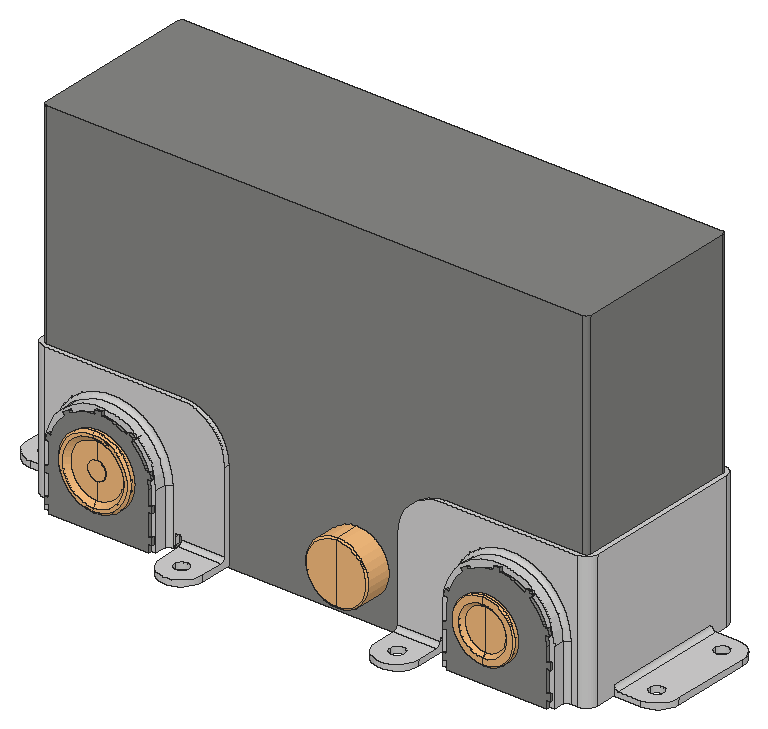
Revit family "Valve-Two_Outlet_Thermostatic-KOHLER-K-26340_1", category Plumbing Fixtures, host Face, Revit 2017
Family settings
  Host = Face
  Round Connector Dimension = Use Diameter
  Part Type = Normal
  OmniClass Number = 23.27.31.00
  OmniClass Title = Valves
  Cut with Voids When Loaded = No
  Shared = No
  Room Calculation Point = No
Parameters (values of type "NA- Not applicable")
  Width = 11 51/128"  # constant formula
  WaterSense Certified = 1 = 0  # no
  Waste Connection = 1 = 0  # no
  Vent Connection = 1 = 0  # no
  Tempered Water Outlet2 Up [instance] = yes
  Tempered Water Outlet1 Up [instance] = yes
  Tempered Water Outlet 2 = "Tempered Water Outlet 2"  # constant formula
  Tempered Water Outlet 1 = "Tempered Water Outlet 1"  # constant formula
  URL = "https://www.us.kohler.com/us/"
  Type = 1
  Product Page URL = "http://www.us.kohler.com/us/catalog/productDetails.jsp?productId=26340"
  Product Name = ""
  Product Documentation Link = "https://www.us.kohler.com/webassets/kpna/catalog/pdf/en/K-26340_spec.pdf"
  Pressure = 0.00 psi
  Model = "K-26340-NA"  # constant formula
  Material = "Plastic"  # constant formula
  Master Format 2014 Name = "Control Valves"  # constant formula
  Master Format 2014 = "23 09 13.33"  # constant formula
  Manufacturer Address = "444 Highland Dr, Kohler, WI 53044"  # constant formula
  Manufacturer = "KOHLER Co."  # constant formula
  Length = 6 13/128"  # constant formula
  Hot Water Inlet = "Hot Water Inlet"  # constant formula
  Height = 4 113/128"  # constant formula
  HW Connection = 1 = 1  # yes
  Flow Rate = 1.75 GPM  # constant formula
  Finish = Kohler-Plastic-58-Thunder_Grey
  Environmental Product Declaration = ""
  Description = "Recessed thermostatic valve-2-outlet"  # constant formula
  Default Elevation = 42"
  Declare Label = ""
  Date Modified = "02/12/2021"  # constant formula
  Date Created = "02/09/2021"  # constant formula
  Copyright = "Copyright KOHLER Co."  # constant formula
  Contact Us = "https://www.us.kohler.com/us/static/contact.jsp"
  Cold Water Inlet = "Cold Water Inlet"  # constant formula
  CW Connection = 1 = 1  # yes
  Tempered Water Outlet 2 Down [instance] = not(Tempered Water Outlet2 Up)  # no
  Tempered Water Outlet 1 Down [instance] = not(Tempered Water Outlet1 Up)  # no
  Assembly Code = "D2020"
  ADA Compliant = 1 = 0  # no
Reference planes (in)
  plane 1 "Center (Front/Back)": y = 0
  plane 2: z = 0
  plane 3 "Center (Left/Right)": x = 0
  plane 4: y = 2.44094
  plane 5: y = -2.44188
  plane 6: y = 1.98819
  plane 7: y = -1.98819
  plane 8: z = 0
  plane 9: z = -5.21654
  plane 10: z = -5.11811
  plane 11: x = -5.69882
  plane 12: x = 5.69962
  plane 13: x = 3.29724
  plane 14: x = 0.73819
  plane 15: x = -3.48914
  plane 16: x = -4.85236
  plane 17: x = 4.85236
  plane 18: y = -1.51575
  plane 19: y = 1.51575
  plane 20: z = -6.10156
  plane 21: y = 0.70866
  plane 22: y = -0.70866
  plane 23: x = -5.3248
  plane 24: x = 5.3248
  plane 25: x = -1.87992
  plane 26: x = 1.87992
Forms (in)
  Extrusion 1, void
    sketch origin (0, 0, 0) x (1, 0, 0) y (0, 1, 0)
      loop
        line (-4.85236, 1.59449) -> (-4.85236, -1.59449) -> (4.85236, -1.59449) -> (4.85236, 1.59449) -> (-4.85236, 1.59449)
    from -6.10236 to 1.46474
  Extrusion 2, void
    sketch origin (0, 0, 0) x (1, 0, 0) y (0, 0, 1)
      loop
        line (-5.69882, -3.72047) -> (-5.69882, -6.10236) -> (5.69882, -6.10236) -> (5.69882, -3.72047) -> (-5.69882, -3.72047)
    from -2.44094 to 2.44094
Dimensions and locks (in)
  locked: plane 17 to plane 16 at 9.70472
  locked: plane 19 to plane 18 at 3.0315
  locked: plane 6 to plane 7 at 3.97638
  "Length": level to plane 20
  locked: plane 10 to plane 20 at 0.98345
  locked: plane 9 to plane 20 at 0.88503
  "Width": plane 11 to plane 12
  "Height": plane 4 to plane 5
  locked: plane 22 to plane 21 at 1.41732
  locked: plane 25 to plane 13 at 5.17717
  aligned and locked: plane 2 to host face
  aligned and locked: level to host face
  aligned and locked: plane 8 to nested 1
  aligned and locked: plane 8 to level
  aligned and locked: plane 10 to nested 1
  aligned and locked: plane 20 to nested 1
Automatic sketch dimensions
  host sketch curve to host sketch curve = 96"  (x2)
  plane 11 to Extrusion 2 sketch curve = 0"
  Extrusion 2 sketch curve to plane 12 = 0.0008"
  plane 20 to Extrusion 2 sketch curve = 0.0008"
  Extrusion 2 sketch curve to plane 20 = 2.38109"
  Extrusion 1 sketch curve to plane 16 = 0"
  Extrusion 1 sketch curve to plane 17 = 0"
  plane 18 to Extrusion 1 sketch curve = 0.07874"
  plane 19 to Extrusion 1 sketch curve = 0.07874"
Nested families (in)
  nested 1: "K-26340" at (0, 0, -6.10236), type "K-26340"
Connectors (in)
  piping at (-3.48914, -1.90938, -5.11811), diameter 0.75, driven by "Flow Rate", driven by "CW Connection", driven by "Cold Water Inlet"
    settings: on nested 1, index 1, connector inside diameter 24", connector length 0", flow factor 0, pipe flow 1.75 GPM, pressure drop 0.00 psi, fitting loss kfactor 0, connector angle 0.00°, fixture units 0, engagement length 0", angle of deflection 0.00°, flow configuration 1, flow direction 1, fitting loss method 0, system type 20, joint type 0, gender type 0, connector reference index -1, connector utility 1, adjustable connector no, is connector primary yes, connector description "Cold Water Inlet"
  piping at (-3.48914, 1.90938, -5.11811), diameter 0.75, driven by "Flow Rate", driven by "HW Connection", driven by "Hot Water Inlet"
    settings: on nested 1, index 2, connector inside diameter 24", connector length 0", flow factor 0, pipe flow 1.75 GPM, pressure drop 0.00 psi, fitting loss kfactor 0, connector angle 0.00°, fixture units 0, engagement length 0", angle of deflection 0.00°, flow configuration 1, flow direction 1, fitting loss method 0, system type 19, joint type 0, gender type 0, connector reference index -1, connector utility 1, adjustable connector no, is connector primary no, connector description "Hot Water Inlet"
  piping at (0.73819, 1.9685, -5.21654), diameter 0.5, driven by "Flow Rate", driven by "HW Connection", driven by "Tempered Water Outlet 1"
    settings: on nested 1, index 3, connector inside diameter 24", connector length 0", flow factor 0, pipe flow 1.75 GPM, pressure drop 0.00 psi, fitting loss kfactor 0, connector angle 0.00°, fixture units 0, engagement length 0", angle of deflection 0.00°, flow configuration 1, flow direction 2, fitting loss method 0, system type 19, joint type 0, gender type 0, connector reference index -1, connector utility 1, adjustable connector no, is connector primary no, connector description "Tempered Water Outlet 1"
  piping at (3.29724, 1.90938, -5.21654), diameter 0.5, driven by "Flow Rate", driven by "HW Connection", driven by "Tempered Water Outlet 2"
    settings: on nested 1, index 4, connector inside diameter 24", connector length 0", flow factor 0, pipe flow 1.75 GPM, pressure drop 0.00 psi, fitting loss kfactor 0, connector angle 0.00°, fixture units 0, engagement length 0", angle of deflection 0.00°, flow configuration 1, flow direction 2, fitting loss method 0, system type 19, joint type 0, gender type 0, connector reference index -1, connector utility 1, adjustable connector no, is connector primary no, connector description "Tempered Water Outlet 2"
Definition of nested family "K-26340"
  Parameters (values of type "K-26340")
    Top connector 2 = no
    Top connector 1 = no
    Material = none
    Connetor2 angel = if(Top connector 2, 0.00°, 180.00°)  # 180.00°
    Connector2 Distance = if(Top connector 2, 3.0315", 0")  # 0"
    Connector1 angel = if(Top connector 1, 180.00°, 0.00°)  # 0.00°
    Connector1 Distance = if(Top connector 1, 0", 3.0315")  # 3.0315"
    Bottum Connector 2 = not(Top connector 2)  # yes
    Bottum Connector 1 = not(Top connector 1)  # yes
  Reference planes (in)
    plane 1 "Center (Front/Back)": y = 0
    plane 2: z = 0
    plane 3 "Center (Left/Right)": x = 0
    plane 4: x = -5.69882
    plane 5: y = 2.44094
    plane 6: y = -2.44094
    plane 7: z = 6.10236
    plane 8 "2": x = 3.29724
    plane 9 "1": x = -3.48914
    plane 10: z = 0.98425
    plane 11 "A": z = 0.88583
    plane 12: y = 1.98819
    plane 13: y = -1.98819
    plane 14: x = -1.87992
    plane 15: x = 5.69882
    plane 16: y = 1.51575
    plane 17: y = -1.51575
    plane 18: x = 1.87992
    plane 19 "3": x = 0.73819
    plane 20: x = 4.85236
    plane 21: x = -4.85236
    plane 22: y = -1.51575
    plane 23: y = -1.51575
    plane 24: z = 0
    plane 25: y = 0.70866
    plane 26: y = -0.70866
    plane 27: x = -5.3248
    plane 28: x = 5.3248
  Forms (in)
    Extrusion 1, solid, material <- "Material", detail levels medium+fine
      sketch origin (0, 0, 0) x (1, 0, 0) y (0, 1, 0)
        loop
          line (4.6752, 1.51575) -> (-4.6752, 1.51575)
          arc (-4.6752, 1.51575) -> (-4.73087, 1.49269) -> (-4.75394, 1.43701) r 0.07874
          line (-4.75394, 1.43701) -> (-4.75394, -1.43701)
          arc (-4.75394, -1.43701) -> (-4.73087, -1.49269) -> (-4.6752, -1.51575) r 0.07874
          line (-4.6752, -1.51575) -> (4.6752, -1.51575)
          arc (4.6752, -1.51575) -> (4.73087, -1.49269) -> (4.75394, -1.43701) r 0.07874
          line (4.75394, -1.43701) -> (4.75394, 1.43701)
          arc (4.75394, 1.43701) -> (4.73087, 1.49269) -> (4.6752, 1.51575) r 0.07874
      from 0 to 6.10236
    Extrusion 2, solid, detail levels medium+fine
      sketch origin (0, 0, 0) x (1, 0, 0) y (0, 0, 1)
        loop
          line (-2.29331, 2.38189) -> (-4.85236, 2.38189) -> (-4.85236, 0.01969) -> (-2.42323, 0.01969)
          arc (-2.42323, 0.01969) -> (-2.38704, 0.03468) -> (-2.37205, 0.07087) r 0.05118
          line (-2.37205, 0.07087) -> (-2.37205, 0.2165)
          arc (-2.37205, 0.2165) -> (-2.31299, 0.27556) -> (-2.25394, 0.2165) r 0.05906
          line (-2.25394, 0.2165) -> (-2.25394, 0.01969) -> (-1.50591, 0.01969) -> (-1.50591, 1.59449)
          arc (-1.50591, 1.59449) -> (-1.73653, 2.15127) -> (-2.29331, 2.38189) r 0.7874
        loop
          arc (2.29331, 2.38189) -> (1.73653, 2.15127) -> (1.50591, 1.59449) r 0.7874
          line (1.50591, 1.59449) -> (1.50591, 0.01969) -> (2.25394, 0.01969) -> (2.25394, 0.2165)
          arc (2.25394, 0.2165) -> (2.31299, 0.27556) -> (2.37205, 0.2165) r 0.05906
          line (2.37205, 0.2165) -> (2.37205, 0.07087)
          arc (2.37205, 0.07087) -> (2.38704, 0.03468) -> (2.42323, 0.01969) r 0.05118
          line (2.42323, 0.01969) -> (4.85236, 0.01969) -> (4.85236, 2.38189) -> (2.29331, 2.38189)
      from -1.59449 to 1.59449
    Sweep 3, void
      path in 3D
        loop
          line (-4.85236, -1.59449, 2.38189) -> (-4.85236, -1.59449, 0.01969)
      profile origin (-4.85236, -1.59449, 1.20079) x (-1, 0, 0) y (0, -1, 0)
        loop
          line (0, -0.19685) -> (0, 0) -> (-0.19685, 0)
          arc (-0.19685, 0) -> (-0.05766, -0.05766) -> (0, -0.19685) r 0.19685
    Sweep 4, void
      path in 3D
        loop
          line (-4.85236, 1.59449, 2.38189) -> (-4.85236, 1.59449, 0.01969)
      profile origin (-4.85236, 1.59449, 1.20079) x (-1, 0, 0) y (0, -1, 0)
        loop
          arc (0, 0.19685) -> (-0.05766, 0.05766) -> (-0.19685, 0) r 0.19685
          line (-0.19685, 0) -> (0, 0) -> (0, 0.19685)
    Sweep 5, void
      path in 3D
        loop
          line (4.85236, -1.59449, 2.38189) -> (4.85236, -1.59449, 0.01969)
      profile origin (4.85236, -1.59449, 1.20079) x (1, 0, 0) y (0, 1, 0)
        loop
          arc (0, 0.19685) -> (-0.05766, 0.05766) -> (-0.19685, 0) r 0.19685
          line (-0.19685, 0) -> (0, 0) -> (0, 0.19685)
    Sweep 6, void
      path in 3D
        loop
          line (4.85236, 1.59449, 2.38189) -> (4.85236, 1.59449, 0.01969)
      profile origin (4.85236, 1.59449, 1.20079) x (1, 0, 0) y (0, 1, 0)
        loop
          line (0, -0.19685) -> (0, 0) -> (-0.19685, 0)
          arc (-0.19685, 0) -> (-0.05766, -0.05766) -> (0, -0.19685) r 0.19685
    Extrusion 7, solid, detail levels medium+fine
      sketch origin (0, 0, 0) x (1, 0, 0) y (0, 1, 0)
        loop
          line (-4.85236, 1.06299) -> (-5.3248, 1.06299)
          arc (-5.3248, 1.06299) -> (-5.58927, 0.95345) -> (-5.69882, 0.68898) r 0.37402
          line (-5.69882, 0.68898) -> (-5.69882, -0.68898)
          arc (-5.69882, -0.68898) -> (-5.58927, -0.95345) -> (-5.3248, -1.06299) r 0.37402
          line (-5.3248, -1.06299) -> (-4.85236, -1.06299) -> (-4.85236, 1.06299)
        loop
          line (4.85236, 1.06299) -> (4.85236, -1.06299) -> (5.3248, -1.06299)
          arc (5.3248, -1.06299) -> (5.58927, -0.95345) -> (5.69882, -0.68898) r 0.37402
          line (5.69882, -0.68898) -> (5.69882, 0.68898)
          arc (5.69882, 0.68898) -> (5.58927, 0.95345) -> (5.3248, 1.06299) r 0.37402
          line (5.3248, 1.06299) -> (4.85236, 1.06299)
        loop
          circle (-5.3248, 0.70866) r 0.12598
        loop
          circle (-5.3248, -0.70866) r 0.12598
        loop
          circle (5.3248, 0.70866) r 0.12598
        loop
          circle (5.3248, -0.70866) r 0.12598
        loop
          arc (-2.25393, -2.06693) -> (-1.87992, -2.44094) -> (-1.50591, -2.06693) r 0.37401
          line (-1.50591, -2.06693) -> (-1.50591, -1.59449) -> (-2.25393, -1.59449) -> (-2.25393, -2.06693)
        loop
          line (2.25393, -2.06693) -> (2.25393, -1.59449) -> (1.50591, -1.59449) -> (1.50591, -2.06693)
          arc (1.50591, -2.06693) -> (1.87992, -2.44094) -> (2.25393, -2.06693) r 0.37401
        loop
          line (-2.25393, 2.06693) -> (-2.25393, 1.59449) -> (-1.50591, 1.59449) -> (-1.50591, 2.06693)
          arc (-1.50591, 2.06693) -> (-1.87992, 2.44094) -> (-2.25393, 2.06693) r 0.37401
        loop
          arc (2.25393, 2.06693) -> (1.87992, 2.44094) -> (1.50591, 2.06693) r 0.37401
          line (1.50591, 2.06693) -> (1.50591, 1.59449) -> (2.25393, 1.59449) -> (2.25393, 2.06693)
        loop
          circle (-1.87992, -2.06693) r 0.12598
        loop
          circle (1.87992, -2.06693) r 0.12598
        loop
          circle (-1.87992, 2.06693) r 0.12598
        loop
          circle (1.87992, 2.06693) r 0.12598
      from 0.01969 to 0.11811
    Extrusion 8, solid, detail levels medium+fine
      sketch origin (1.27953, 0, 0) x (1, 0, 0) y (0, 0, 1)
        loop
          line (-3.77953, 0.01969) -> (-3.77953, 0.98689)
          arc (-3.77953, 0.98689) -> (-4.75394, 1.9613) -> (-5.72835, 0.98689) r 0.97441
          line (-5.72835, 0.98689) -> (-5.72835, 0.01969) -> (-3.77953, 0.01969)
        loop
          line (1.22047, 0.99085) -> (1.22047, 0.01969) -> (3.16929, 0.01969) -> (3.16929, 0.99085)
          arc (3.16929, 0.99085) -> (2.19488, 1.96526) -> (1.22047, 0.99085) r 0.97441
      from -1.85039 to 1.85039
    Extrusion 9, solid, material <- "Material", detail levels medium+fine
      sketch origin (-1.27953, 0, 0) x (1, 0, 0) y (0, 0, 1)
        loop
          line (-3.07087, 0.62992) -> (-3.07087, 0.25591) -> (-3.12992, 0.25591) -> (-3.12992, 0.1378) -> (-3.07087, 0.1378) -> (-3.07087, 0) -> (-1.3189, 0) -> (-1.3189, 0.1378) -> (-1.25984, 0.1378) -> (-1.25984, 0.25591) -> (-1.3189, 0.25591) -> (-1.3189, 0.62992) -> (-1.25984, 0.62992) -> (-1.25984, 0.74803) -> (-1.3189, 0.74803) -> (-1.3189, 0.98425)
          arc (-1.3189, 0.98425) -> (-1.32232, 1.06162) -> (-1.33257, 1.13839) r 0.87598
          line (-1.33257, 1.13839) -> (-1.27514, 1.15271) -> (-1.30372, 1.26731) -> (-1.36114, 1.25299)
          arc (-1.36114, 1.25299) -> (-1.46022, 1.46135) -> (-1.61026, 1.63661) r 0.87598
          line (-1.61026, 1.63661) -> (-1.57383, 1.68324) -> (-1.6669, 1.75596) -> (-1.70334, 1.70932)
          arc (-1.70334, 1.70932) -> (-1.90969, 1.81251) -> (-2.13583, 1.85824) r 0.87598
          line (-2.13583, 1.85824) -> (-2.13583, 1.91742) -> (-2.25394, 1.91742) -> (-2.25394, 1.85824)
          arc (-2.25394, 1.85824) -> (-2.48007, 1.81251) -> (-2.68643, 1.70932) r 0.87598
          line (-2.68643, 1.70932) -> (-2.72286, 1.75596) -> (-2.81594, 1.68324) -> (-2.7795, 1.63661)
          arc (-2.7795, 1.63661) -> (-2.92954, 1.46135) -> (-3.02863, 1.25299) r 0.87598
          line (-3.02863, 1.25299) -> (-3.08605, 1.26731) -> (-3.11462, 1.15271) -> (-3.0572, 1.13839)
          arc (-3.0572, 1.13839) -> (-3.06744, 1.06162) -> (-3.07087, 0.98425) r 0.87598
          line (-3.07087, 0.98425) -> (-3.07087, 0.74803) -> (-3.12992, 0.74803) -> (-3.12992, 0.62992) -> (-3.07087, 0.62992)
        loop
          line (3.87795, 0.62992) -> (3.87795, 0.25591) -> (3.8189, 0.25591) -> (3.8189, 0.1378) -> (3.87795, 0.1378) -> (3.87795, 0) -> (5.62992, 0) -> (5.62992, 0.1378) -> (5.68898, 0.1378) -> (5.68898, 0.25591) -> (5.62992, 0.25591) -> (5.62992, 0.62992) -> (5.68898, 0.62992) -> (5.68898, 0.74803) -> (5.62992, 0.74803) -> (5.62992, 0.98425)
          arc (5.62992, 0.98425) -> (5.6265, 1.06162) -> (5.61625, 1.13839) r 0.87598
          line (5.61625, 1.13839) -> (5.67368, 1.15271) -> (5.6451, 1.26731) -> (5.58768, 1.25299)
          arc (5.58768, 1.25299) -> (5.4886, 1.46135) -> (5.33856, 1.63661) r 0.87598
          line (5.33856, 1.63661) -> (5.37499, 1.68324) -> (5.28192, 1.75596) -> (5.24548, 1.70932)
          arc (5.24548, 1.70932) -> (5.03913, 1.81251) -> (4.81299, 1.85824) r 0.87598
          line (4.81299, 1.85824) -> (4.81299, 1.91742) -> (4.69488, 1.91742) -> (4.69488, 1.85824)
          arc (4.69488, 1.85824) -> (4.46874, 1.81251) -> (4.26239, 1.70932) r 0.87598
          line (4.26239, 1.70932) -> (4.22595, 1.75596) -> (4.13288, 1.68324) -> (4.16932, 1.63661)
          arc (4.16932, 1.63661) -> (4.01927, 1.46135) -> (3.92019, 1.25299) r 0.87598
          line (3.92019, 1.25299) -> (3.86277, 1.26731) -> (3.8342, 1.15271) -> (3.89162, 1.13839)
          arc (3.89162, 1.13839) -> (3.88138, 1.06162) -> (3.87795, 0.98425) r 0.87598
          line (3.87795, 0.98425) -> (3.87795, 0.74803) -> (3.8189, 0.74803) -> (3.8189, 0.62992) -> (3.87795, 0.62992)
        loop
          circle (-2.20961, 0.98425) r 0.54335
        loop
          circle (4.57677, 0.88583) r 0.41841
      from -1.92913 to 1.88976
    Revolve 10, solid, detail levels medium+fine
      sketch origin (-3.48914, 0, 0) x (0, 0, 1) y (0, -1, 0)
        loop
          line (1.5276, -1.98819) -> (1.58464, -1.98819) -> (1.62406, -1.94877) -> (1.62406, -1.51575) -> (0.98425, -1.51575) -> (0.98425, -1.90938) -> (1.44879, -1.90938) -> (1.5276, -1.98819)
        loop
          line (1.5276, 1.98819) -> (1.44879, 1.90938) -> (0.98425, 1.90938) -> (0.98425, 1.51575) -> (1.62406, 1.51575) -> (1.62406, 1.94877) -> (1.58464, 1.98819) -> (1.5276, 1.98819)
        axis (0.98425, -1.98819) -> (0.98425, 1.98819)
      angle from 0 to 360
    Revolve 11, solid, detail levels medium+fine
      sketch origin (3.29724, 0, 0) x (0, 0, -1) y (0, -1, 0)
        loop
          line (-1.43701, 1.94331) -> (-1.43701, 1.61417) -> (-0.88583, 1.61417) -> (-0.88583, 1.90938) -> (-1.24512, 1.90938) -> (-1.30424, 1.9685) -> (-1.41732, 1.9685) -> (-1.43701, 1.94331)
        loop
          line (-1.43701, -1.94331) -> (-1.41732, -1.9685) -> (-1.30424, -1.9685) -> (-1.24512, -1.90938) -> (-0.88583, -1.90938) -> (-0.88583, -1.61417) -> (-1.43701, -1.61417) -> (-1.43701, -1.94331)
        axis (-0.88583, 1.9685) -> (-0.88583, -1.9685)
      angle from 0 to 360
    Sweep 12, solid, detail levels medium+fine
      path in 3D
        loop
          line (2.5, 1.59449, 0.01969) -> (2.5, 1.59449, 0.99085)
          arc (2.5, 1.59449, 0.99085) -> (3.47441, 1.59449, 1.96526) -> (4.44882, 1.59449, 0.99085) r 0.97441
          line (4.44882, 1.59449, 0.99085) -> (4.44882, 1.59449, 0.01969)
      profile origin (2.5, 1.59449, 0.50527) x (0, 1, 0) y (-1, 0, 0)
        loop
          arc (0.07874, 0) -> (0.02306, 0.02306) -> (0, 0.07874) r 0.07874
          line (0, 0.07874) -> (0, 0) -> (0.07874, 0)
    Sweep 13, solid, detail levels medium+fine
      path in 3D
        loop
          line (-4.44882, -1.59449, 0.01969) -> (-4.44882, -1.59449, 0.99085)
          arc (-4.44882, -1.59449, 0.99085) -> (-3.47441, -1.59449, 1.96526) -> (-2.5, -1.59449, 0.99085) r 0.97441
          line (-2.5, -1.59449, 0.99085) -> (-2.5, -1.59449, 0.01969)
      profile origin (-4.44882, -1.59449, 0.50527) x (0, 1, 0) y (-1, 0, 0)
        loop
          line (-0.07874, 0) -> (0, 0) -> (0, 0.07874)
          arc (0, 0.07874) -> (-0.02306, 0.02306) -> (-0.07874, 0) r 0.07874
    Sweep 14, solid, detail levels medium+fine
      path in 3D
        loop
          line (-4.44882, 1.59449, 0.01969) -> (-4.44882, 1.59449, 0.99085)
          arc (-4.44882, 1.59449, 0.99085) -> (-3.47441, 1.59449, 1.96526) -> (-2.5, 1.59449, 0.99085) r 0.97441
          line (-2.5, 1.59449, 0.99085) -> (-2.5, 1.59449, 0.01969)
      profile origin (-4.44882, 1.59449, 0.50527) x (0, 1, 0) y (-1, 0, 0)
        loop
          arc (0.07874, 0) -> (0.02306, 0.02306) -> (0, 0.07874) r 0.07874
          line (0, 0.07874) -> (0, 0) -> (0.07874, 0)
    Extrusion 15, solid, detail levels medium+fine
      sketch origin (0, 0, 0) x (1, 0, 0) y (0, 0, 1)
        loop
          line (-3.57283, 0.11811) -> (-3.57283, 0.19685)
          arc (-3.57283, 0.19685) -> (-3.5959, 0.14117) -> (-3.65157, 0.11811) r 0.07874
          line (-3.65157, 0.11811) -> (-3.57283, 0.11811)
        loop
          line (3.57283, 0.11811) -> (3.65157, 0.11811)
          arc (3.65157, 0.11811) -> (3.5959, 0.14117) -> (3.57283, 0.19685) r 0.07874
          line (3.57283, 0.19685) -> (3.57283, 0.11811)
      from -1.06299 to 1.06299
    Extrusion 16, solid, detail levels medium+fine
      sketch origin (0, 0, 0) x (0, 1, 0) y (0, 0, 1)
        loop
          line (-1.67323, 0.11811) -> (-1.59449, 0.11811) -> (-1.59449, 0.19685)
          arc (-1.59449, 0.19685) -> (-1.61755, 0.14117) -> (-1.67323, 0.11811) r 0.07874
        loop
          arc (1.67323, 0.11811) -> (1.61755, 0.14117) -> (1.59449, 0.19685) r 0.07874
          line (1.59449, 0.19685) -> (1.59449, 0.11811) -> (1.67323, 0.11811)
      from 1.50591 to 2.25394
    Extrusion 17, solid, detail levels medium+fine
      sketch origin (0, 0, 0) x (0, 1, 0) y (0, 0, 1)
        loop
          line (-1.67323, 0.11811) -> (-1.59449, 0.11811) -> (-1.59449, 0.19685)
          arc (-1.59449, 0.19685) -> (-1.61755, 0.14117) -> (-1.67323, 0.11811) r 0.07874
        loop
          arc (1.67323, 0.11811) -> (1.61755, 0.14117) -> (1.59449, 0.19685) r 0.07874
          line (1.59449, 0.19685) -> (1.59449, 0.11811) -> (1.67323, 0.11811)
      from -2.25394 to -1.50591
    Extrusion 18, solid, material <- "Material", detail levels coarse
      sketch origin (0, 0, 0) x (1, 0, 0) y (0, 1, 0)
        loop
          line (4.75394, 1.51575) -> (-4.75394, 1.51575) -> (-4.75394, -1.51575) -> (4.75394, -1.51575) -> (4.75394, 1.51575)
      from 0 to 6.10236
    Extrusion 19, solid, material <- "Material", detail levels coarse
      sketch origin (-1.27953, 0, 0) x (1, 0, 0) y (0, 0, 1)
        loop
          line (-1.3189, 0) -> (-1.3189, 0.9897)
          arc (-1.3189, 0.9897) -> (-2.19488, 1.86569) -> (-3.07087, 0.9897) r 0.87598
          line (-3.07087, 0.9897) -> (-3.07087, 0) -> (-1.3189, 0)
        loop
          line (5.62992, 0) -> (5.62992, 0.9897)
          arc (5.62992, 0.9897) -> (4.75394, 1.86569) -> (3.87795, 0.9897) r 0.87598
          line (3.87795, 0.9897) -> (3.87795, 0) -> (5.62992, 0)
      from -1.92913 to 1.88976
    Extrusion 20, solid, detail levels coarse
      sketch origin (0, 0, 0) x (1, 0, 0) y (0, 1, 0)
        loop
          line (4.85236, 1.59449) -> (1.50591, 1.59449) -> (1.50591, 1.51575) -> (4.75394, 1.51575) -> (4.75394, -1.51575) -> (1.50591, -1.51575) -> (1.50591, -1.59449) -> (4.85236, -1.59449) -> (4.85236, 1.59449)
        loop
          line (-4.85236, 1.59449) -> (-4.85236, -1.59449) -> (-1.50591, -1.59449) -> (-1.50591, -1.51575) -> (-4.75394, -1.51575) -> (-4.75394, 1.51575) -> (-1.50591, 1.51575) -> (-1.50591, 1.59449) -> (-4.85236, 1.59449)
      from 0 to 2.38189
    Extrusion 21, solid, detail levels coarse
      sketch origin (0, 0, 0) x (1, 0, 0) y (0, 1, 0)
        loop
          line (-5.69882, -1.06299) -> (-4.85236, -1.06299) -> (-4.85236, 1.06299) -> (-5.69882, 1.06299) -> (-5.69882, -1.06299)
        loop
          line (-2.25393, 1.59449) -> (-1.5059, 1.59449) -> (-1.5059, 2.44094) -> (-2.25393, 2.44094) -> (-2.25393, 1.59449)
        loop
          line (1.50591, 1.59449) -> (2.25394, 1.59449) -> (2.25394, 2.44094) -> (1.50591, 2.44094) -> (1.50591, 1.59449)
        loop
          line (-2.25393, -1.59449) -> (-2.25393, -2.44094) -> (-1.5059, -2.44094) -> (-1.5059, -1.59449) -> (-2.25393, -1.59449)
        loop
          line (1.50591, -1.59449) -> (1.50591, -2.44094) -> (2.25394, -2.44094) -> (2.25394, -1.59449) -> (1.50591, -1.59449)
        loop
          line (5.69882, -1.06299) -> (5.69882, 1.06299) -> (4.85236, 1.06299) -> (4.85236, -1.06299) -> (5.69882, -1.06299)
        loop
          circle (-5.3248, 0.70866) r 0.12598
        loop
          circle (-5.3248, -0.70866) r 0.12598
        loop
          circle (-1.87991, 2.06693) r 0.12598
        loop
          circle (1.87993, 2.06693) r 0.12598
        loop
          circle (5.3248, 0.70866) r 0.12598
        loop
          circle (5.3248, -0.70866) r 0.12598
        loop
          circle (-1.87991, -2.06693) r 0.12598
        loop
          circle (1.87993, -2.06693) r 0.12598
      from 0.01969 to 0.11811
    Extrusion 22, solid, detail levels medium+fine
      sketch origin (-1.27953, 0, 0) x (1, 0, 0) y (0, 0, 1)
        loop
          circle (-2.20961, 0.98425) r 0.15748
      from -1.90938 to 1.90938
    Extrusion 23, solid, detail levels coarse
      sketch origin (1.27953, 0, 0) x (1, 0, 0) y (0, 0, 1)
        loop
          circle (-4.76867, 0.98425) r 0.63981
        loop
          circle (2.01772, 0.88583) r 0.55118
      from -1.98819 to 1.98819
    Extrusion 24, solid, detail levels medium+fine
      sketch origin (0, 0, 0) x (1, 0, 0) y (0, 0, 1)
        loop
          line (-4.85236, 0.11811) -> (-4.85236, 0.19685)
          arc (-4.85236, 0.19685) -> (-4.87542, 0.14117) -> (-4.9311, 0.11811) r 0.07874
          line (-4.9311, 0.11811) -> (-4.85236, 0.11811)
        loop
          line (4.85236, 0.11811) -> (4.9311, 0.11811)
          arc (4.9311, 0.11811) -> (4.87542, 0.14117) -> (4.85236, 0.19685) r 0.07874
          line (4.85236, 0.19685) -> (4.85236, 0.11811)
      from -1.06299 to 1.06299
    Revolve 25, solid, detail levels medium+fine
      sketch origin (0.73819, 0, 0) x (0, 0, -1) y (0, -1, 0)
        loop
          line (-0.88583, 1.9685) -> (-1.40868, 1.9685) -> (-1.43701, 1.94018) -> (-1.43701, 1.51575) -> (-0.88583, 1.51575) -> (-0.88583, 1.9685)
        loop
          line (-0.88583, -1.9685) -> (-0.88583, -1.51575) -> (-1.43701, -1.51575) -> (-1.43701, -1.94018) -> (-1.40868, -1.9685) -> (-0.88583, -1.9685)
        axis (-0.88583, 1.9685) -> (-0.88583, -1.9685)
      angle from 0 to 360
    Sweep 26, solid, detail levels medium+fine
      path in 3D
        loop
          line (2.5, -1.59449, 0.01969) -> (2.5, -1.59449, 0.99085)
          arc (2.5, -1.59449, 0.99085) -> (3.47441, -1.59449, 1.96526) -> (4.44882, -1.59449, 0.99085) r 0.97441
          line (4.44882, -1.59449, 0.99085) -> (4.44882, -1.59449, 0.01969)
      profile origin (2.5, -1.59449, 0.50527) x (0, 1, 0) y (-1, 0, 0)
        loop
          line (-0.07874, 0) -> (0, 0) -> (0, 0.07874)
          arc (0, 0.07874) -> (-0.02306, 0.02306) -> (-0.07874, 0) r 0.07874
    Extrusion 27, solid, detail levels coarse
      sketch origin (0, 0, 0) x (1, 0, 0) y (0, 0, 1)
        loop
          circle (0.73819, 0.88583) r 0.55118
      from -1.9685 to 1.9685
    Revolve 28, solid, detail levels medium+fine
      sketch origin (0.73819, -1.51575, 0.88583) x (0, -1, 0) y (1, 0, 0)
        loop
          line (0.45276, 0) -> (0.45276, 0.1335) -> (0.2697, 0.1335) -> (0.2697, 0) -> (0.45276, 0)
        axis (0.45276, 0) -> (0.2697, 0)
      angle from 0 to 360
    Revolve 29, solid, detail levels medium+fine
      sketch origin (3.29724, -3.71496, 0.88583) x (0, 1, 0) y (-1, 0, 0)
        loop
          line (1.80558, 0) -> (1.80558, -0.11811) -> (2.07072, -0.11811) -> (2.07072, 0) -> (1.80558, 0)
        axis (1.80558, 0) -> (2.07072, 0)
      angle from 0 to 360
  Cuts and joins
    joined: Extrusion 1, Extrusion 9
    joined: Revolve 10, Revolve 11, Revolve 25
    joined: Sweep 12, Sweep 13, Sweep 14
    Sweep 3, Sweep 4, Sweep 5, Sweep 6 cuts Extrusion 2
    joined: Extrusion 2, Extrusion 7, Extrusion 8, Extrusion 15, Extrusion 16, Extrusion 17, Extrusion 24
    joined: Extrusion 18, Extrusion 19
    joined: Extrusion 20, Extrusion 21
  Lines and regions (in)
    Masking region 1
      outline origin (0, 0, 0) x (1, 0, 0) y (0, 1, 0)
        loop
          line (-4.85236, 1.39764) -> (-4.85236, 0) -> (-4.85236, -1.39764)
          arc (-4.85236, -1.39764) -> (-4.79471, -1.53683) -> (-4.65551, -1.59449) r 0.19685
          line (-4.65551, -1.59449) -> (0, -1.59449) -> (4.65551, -1.59449)
          arc (4.65551, -1.59449) -> (4.79471, -1.53683) -> (4.85236, -1.39764) r 0.19685
          line (4.85236, -1.39764) -> (4.85236, 0) -> (4.85236, 1.39764)
          arc (4.85236, 1.39764) -> (4.79471, 1.53683) -> (4.65551, 1.59449) r 0.19685
          line (4.65551, 1.59449) -> (0, 1.59449) -> (-4.65551, 1.59449)
          arc (-4.65551, 1.59449) -> (-4.79471, 1.53683) -> (-4.85236, 1.39764) r 0.19685
    Masking region 2, detail levels medium+fine
      outline origin (0, 0, 0) x (1, 0, 0) y (0, 0, 1)
        loop
          line (-4.75394, 6.10236) -> (-4.75394, 2.38189) -> (-4.85236, 2.38189) -> (-4.85236, 0.19685)
          arc (-4.85236, 0.19685) -> (-4.87542, 0.14117) -> (-4.9311, 0.11811) r 0.07874
          line (-4.9311, 0.11811) -> (-5.69882, 0.11811) -> (-5.69882, 0.01969) -> (-4.78006, 0.01969) -> (-4.75394, 0) -> (4.75394, 0) -> (4.78006, 0.01969) -> (5.69882, 0.01969) -> (5.69882, 0.11811) -> (4.9311, 0.11811)
          arc (4.9311, 0.11811) -> (4.87542, 0.14117) -> (4.85236, 0.19685) r 0.07874
          line (4.85236, 0.19685) -> (4.85236, 2.38189) -> (4.75394, 2.38189) -> (4.75394, 6.10236) -> (-4.75394, 6.10236)
    Masking region 3
      outline origin (3.29724, 0, 0) x (0, 0, -1) y (0, -1, 0)
        loop
          line (-6.10236, -1.51575) -> (-2.38189, -1.51575) -> (-2.38189, -1.59449) -> (-2.044, -1.59449)
          arc (-2.044, -1.59449) -> (-1.98832, -1.61755) -> (-1.96526, -1.67323) r 0.07874
          line (-1.96526, -1.67323) -> (-1.96526, -1.85039) -> (-1.91742, -1.85039) -> (-1.91742, -1.92913) -> (-1.64369, -1.92913) -> (-1.58464, -1.98819) -> (-0.38387, -1.98819) -> (-0.35433, -1.9685) -> (-0.32357, -1.92913) -> (-0.11811, -1.92913) -> (-0.11811, -2.44094) -> (-0.01969, -2.44094) -> (-0.01969, -1.95526) -> (0, -1.92913) -> (0, 1.92913) -> (-0.01969, 1.95526) -> (-0.01969, 2.44094) -> (-0.11811, 2.44094) -> (-0.11811, 1.88976) -> (-0.33465, 1.88976) -> (-0.33465, 1.94331) -> (-0.38387, 1.98819) -> (-1.58464, 1.98819) -> (-1.62406, 1.94877) -> (-1.62406, 1.88976) -> (-1.91742, 1.88976) -> (-1.91742, 1.85039) -> (-1.96526, 1.85039) -> (-1.96526, 1.67323)
          arc (-1.96526, 1.67323) -> (-1.98832, 1.61755) -> (-2.044, 1.59449) r 0.07874
          line (-2.044, 1.59449) -> (-2.38189, 1.59449) -> (-2.38189, 1.51575) -> (-6.10236, 1.51575) -> (-6.10236, -1.51575)
    sketch lines
      curve 1: line (-4.85236, -1.59449, 2.38189) -> (-4.85236, -1.59449, 0.01969)
      curve 2: line (-4.85236, 1.59449, 2.38189) -> (-4.85236, 1.59449, 0.01969)
      curve 3: line (4.85236, -1.59449, 2.38189) -> (4.85236, -1.59449, 0.01969)
      curve 4: line (4.85236, 1.59449, 2.38189) -> (4.85236, 1.59449, 0.01969)
      curve 5: line (2.5, 1.59449, 0.01969) -> (2.5, 1.59449, 0.99085)
      curve 6: arc (4.44882, 1.59449, 0.99085) -> (3.47441, 1.59449, 1.96526) -> (2.5, 1.59449, 0.99085) r 0.97441
      curve 7: line (4.44882, 1.59449, 0.99085) -> (4.44882, 1.59449, 0.01969)
      curve 8: line (-4.44882, -1.59449, 0.01969) -> (-4.44882, -1.59449, 0.99085)
      curve 9: arc (-2.5, -1.59449, 0.99085) -> (-3.47441, -1.59449, 1.96526) -> (-4.44882, -1.59449, 0.99085) r 0.97441
      curve 10: line (-2.5, -1.59449, 0.99085) -> (-2.5, -1.59449, 0.01969)
      curve 11: line (-4.44882, 1.59449, 0.01969) -> (-4.44882, 1.59449, 0.99085)
      curve 12: arc (-2.5, 1.59449, 0.99085) -> (-3.47441, 1.59449, 1.96526) -> (-4.44882, 1.59449, 0.99085) r 0.97441
      curve 13: line (-2.5, 1.59449, 0.99085) -> (-2.5, 1.59449, 0.01969)
      curve 203: line (2.5, -1.59449, 0.01969) -> (2.5, -1.59449, 0.99085)
      curve 204: arc (4.44882, -1.59449, 0.99085) -> (3.47441, -1.59449, 1.96526) -> (2.5, -1.59449, 0.99085) r 0.97441
      curve 205: line (4.44882, -1.59449, 0.99085) -> (4.44882, -1.59449, 0.01969)
    symbolic lines, detail levels medium+fine
      curve 14: line (4.6752, 1.51575, 0) -> (-4.6752, 1.51575, 0)
      curve 15: arc (-4.6752, 1.51575, 0) -> (-4.73087, 1.49269, 0) -> (-4.75394, 1.43701, 0) r 0.07874
      curve 16: line (-4.75394, 1.43701, 0) -> (-4.75394, -1.43701, 0)
      curve 17: line (-4.6752, -1.51575, 0) -> (4.6752, -1.51575, 0)
      curve 18: arc (-4.75394, -1.43701, 0) -> (-4.73087, -1.49269, 0) -> (-4.6752, -1.51575, 0) r 0.07874
      curve 19: arc (4.6752, -1.51575, 0) -> (4.73087, -1.49269, 0) -> (4.75394, -1.43701, 0) r 0.07874
      curve 20: line (4.75394, -1.43701, 0) -> (4.75394, 1.43701, 0)
      curve 21: arc (4.75394, 1.43701, 0) -> (4.73087, 1.49269, 0) -> (4.6752, 1.51575, 0) r 0.07874
      curve 22: line (-1.50591, 1.59449, 0) -> (-4.52756, 1.59449, 0)
      curve 23: line (-2.29331, 0, 2.38189) -> (-4.85236, 0, 2.38189)
      curve 24: arc (-1.50591, 0, 1.59449) -> (-1.73653, 0, 2.15127) -> (-2.29331, 0, 2.38189) r 0.7874
      curve 25: line (-1.50591, 0, 0.01969) -> (-1.50591, 0, 1.59449)
      curve 26: arc (-2.37205, 0, 0.2165) -> (-2.31299, 0, 0.27556) -> (-2.25394, 0, 0.2165) r 0.05906
      curve 27: line (-2.25394, 0, 0.2165) -> (-2.25394, 0, 0.01969)
      curve 28: line (-2.37205, 0, 0.07087) -> (-2.37205, 0, 0.2165)
      curve 29: arc (-2.42323, 0, 0.01969) -> (-2.38704, 0, 0.03468) -> (-2.37205, 0, 0.07087) r 0.05118
      curve 30: line (-2.25394, 0, 0.01969) -> (-1.50591, 0, 0.01969)
      curve 31: line (-1.50591, 0, 0.11811) -> (-2.25394, 0, 0.11811)
      curve 32: line (-2.42323, 0, 0.01969) -> (-2.59843, 0, 0.01969)
      curve 33: line (-4.35039, 0, 0.01969) -> (-5.17551, 0, 0.01969)
      curve 34: arc (-3.48914, 0, 0.51971) -> (-3.95368, 0, 0.98425) -> (-3.48914, 0, 1.44879) r 0.46454
      curve 35: arc (-3.48914, 0, 0.4409) -> (-4.03249, 0, 0.98425) -> (-3.48914, 0, 1.5276) r 0.54335
      curve 36: arc (-3.48914, 0, 1.58464) -> (-4.08953, 0, 0.98425) -> (-3.48914, 0, 0.38387) r 0.60038
      curve 37: arc (-3.48914, 0, 1.62406) -> (-4.12895, 0, 0.98425) -> (-3.48914, 0, 0.34445) r 0.63981
      curve 38: arc (-3.48914, 0, 0.34445) -> (-2.84934, 0, 0.98425) -> (-3.48914, 0, 1.62406) r 0.63981
      curve 39: arc (-3.48914, 0, 0.38387) -> (-2.88876, 0, 0.98425) -> (-3.48914, 0, 1.58464) r 0.60038
      curve 40: arc (-3.48914, 0, 1.5276) -> (-2.94579, 0, 0.98425) -> (-3.48914, 0, 0.4409) r 0.54335
      curve 41: arc (-3.48914, 0, 1.44879) -> (-3.0246, 0, 0.98425) -> (-3.48914, 0, 0.51971) r 0.46454
      curve 42: line (-4.35039, 0, 0.1378) -> (-4.35039, 0, 0)
      curve 43: line (-4.40945, 0, 0.1378) -> (-4.35039, 0, 0.1378)
      curve 44: line (-4.40945, 0, 0.25591) -> (-4.40945, 0, 0.1378)
      curve 45: line (-4.35039, 0, 0.25591) -> (-4.40945, 0, 0.25591)
      curve 46: line (-4.35039, 0, 0.62992) -> (-4.35039, 0, 0.25591)
      curve 47: line (-4.40945, 0, 0.62992) -> (-4.35039, 0, 0.62992)
      curve 48: line (-4.40945, 0, 0.74803) -> (-4.40945, 0, 0.62992)
      curve 49: line (-4.35039, 0, 0.74803) -> (-4.40945, 0, 0.74803)
      curve 50: line (-4.35039, 0, 0.98425) -> (-4.35039, 0, 0.74803)
      curve 51: arc (-4.33673, 0, 1.13839) -> (-4.34697, 0, 1.06162) -> (-4.35039, 0, 0.98425) r 0.87598
      curve 52: line (-4.36558, 0, 1.26731) -> (-4.39415, 0, 1.15271)
      curve 53: line (-4.30815, 0, 1.25299) -> (-4.36558, 0, 1.26731)
      curve 54: line (-4.39415, 0, 1.15271) -> (-4.33673, 0, 1.13839)
      curve 55: arc (-4.05903, 0, 1.63661) -> (-4.20907, 0, 1.46135) -> (-4.30815, 0, 1.25299) r 0.87598
      curve 56: line (-4.09546, 0, 1.68324) -> (-4.05903, 0, 1.63661)
      curve 57: line (-4.00239, 0, 1.75596) -> (-4.09546, 0, 1.68324)
      curve 58: line (-3.96596, 0, 1.70932) -> (-4.00239, 0, 1.75596)
      curve 59: arc (-3.53346, 0, 1.85824) -> (-3.7596, 0, 1.81251) -> (-3.96596, 0, 1.70932) r 0.87598
      curve 60: line (-3.53346, 0, 1.91742) -> (-3.53346, 0, 1.85824)
      curve 61: line (-3.41535, 0, 1.91742) -> (-3.53346, 0, 1.91742)
      curve 62: line (-3.41535, 0, 1.85824) -> (-3.41535, 0, 1.91742)
      curve 63: arc (-2.98286, 0, 1.70932) -> (-3.18922, 0, 1.81251) -> (-3.41535, 0, 1.85824) r 0.87598
      curve 64: line (-2.85335, 0, 1.68324) -> (-2.94643, 0, 1.75596)
      curve 65: line (-2.94643, 0, 1.75596) -> (-2.98286, 0, 1.70932)
      curve 66: line (-2.88979, 0, 1.63661) -> (-2.85335, 0, 1.68324)
      curve 67: arc (-2.64067, 0, 1.25299) -> (-2.73975, 0, 1.46135) -> (-2.88979, 0, 1.63661) r 0.87598
      curve 68: line (-2.61209, 0, 1.13839) -> (-2.55467, 0, 1.15271)
      curve 69: line (-2.55467, 0, 1.15271) -> (-2.58324, 0, 1.26731)
      curve 70: line (-2.58324, 0, 1.26731) -> (-2.64067, 0, 1.25299)
      curve 71: arc (-2.59843, 0, 0.98425) -> (-2.60185, 0, 1.06162) -> (-2.61209, 0, 1.13839) r 0.87598
      curve 72: line (-4.44882, 0, 0.98689) -> (-4.44882, 0, 0.01969)
      curve 73: line (-4.52756, 0, 0.99085) -> (-4.52756, 0, 0.01969)
      curve 74: arc (-4.52756, 0, 0.99085) -> (-3.47441, 0, 2.044) -> (-2.42126, 0, 0.99085) r 1.05315
      curve 75: arc (-2.5, 0, 0.98689) -> (-3.47441, 0, 1.9613) -> (-4.44882, 0, 0.98689) r 0.97441
      curve 76: line (-4.85236, 0, 2.38189) -> (-4.85236, 0, 0.01969)
      curve 77: line (-2.59843, 0, 0.1378) -> (-2.59843, 0, 0)
      curve 78: line (-2.53937, 0, 0.1378) -> (-2.59843, 0, 0.1378)
      curve 79: line (-2.53937, 0, 0.25591) -> (-2.53937, 0, 0.1378)
      curve 80: line (-2.59843, 0, 0.25591) -> (-2.53937, 0, 0.25591)
      curve 81: line (-2.59843, 0, 0.62992) -> (-2.59843, 0, 0.25591)
      curve 82: line (-2.53937, 0, 0.62992) -> (-2.59843, 0, 0.62992)
      curve 83: line (-2.53937, 0, 0.74803) -> (-2.53937, 0, 0.62992)
      curve 84: line (-2.59843, 0, 0.74803) -> (-2.53937, 0, 0.74803)
      curve 85: line (-2.59843, 0, 0.98425) -> (-2.59843, 0, 0.74803)
      curve 86: line (-2.5, 0, 0.98689) -> (-2.5, 0, 0.01969)
      curve 87: line (-2.42126, 0, 0.99085) -> (-2.42126, 0, 0.01972)
      curve 88: line (2.29331, 0, 2.38189) -> (4.85236, 0, 2.38189)
      curve 89: arc (1.50591, 0, 1.59449) -> (1.73653, 0, 2.15127) -> (2.29331, 0, 2.38189) r 0.7874
      curve 90: line (1.50591, 0, 0.01969) -> (1.50591, 0, 1.59449)
      curve 91: arc (2.37205, 0, 0.2165) -> (2.31299, 0, 0.27556) -> (2.25394, 0, 0.2165) r 0.05906
      curve 92: line (2.25394, 0, 0.2165) -> (2.25394, 0, 0.01969)
      curve 93: line (2.37205, 0, 0.07087) -> (2.37205, 0, 0.2165)
      curve 94: arc (2.42323, 0, 0.01969) -> (2.38704, 0, 0.03468) -> (2.37205, 0, 0.07087) r 0.05118
      curve 95: line (2.25394, 0, 0.01969) -> (1.50591, 0, 0.01969)
      curve 96: line (1.50591, 0, 0.11811) -> (2.25394, 0, 0.11811)
      curve 97: line (2.42323, 0, 0.01969) -> (2.59843, 0, 0.01969)
      curve 98: line (4.35039, 0, 0.01969) -> (5.17551, 0, 0.01969)
      curve 99: line (4.35039, 0, 0.1378) -> (4.35039, 0, 0)
      curve 100: line (4.40945, 0, 0.1378) -> (4.35039, 0, 0.1378)
      curve 101: line (4.40945, 0, 0.25591) -> (4.40945, 0, 0.1378)
      curve 102: line (4.35039, 0, 0.25591) -> (4.40945, 0, 0.25591)
      curve 103: line (4.35039, 0, 0.62992) -> (4.35039, 0, 0.25591)
      curve 104: line (4.40945, 0, 0.62992) -> (4.35039, 0, 0.62992)
      curve 105: line (4.40945, 0, 0.74803) -> (4.40945, 0, 0.62992)
      curve 106: line (4.35039, 0, 0.74803) -> (4.40945, 0, 0.74803)
      curve 107: line (4.35039, 0, 0.98425) -> (4.35039, 0, 0.74803)
      curve 108: arc (4.33673, 0, 1.13839) -> (4.34697, 0, 1.06162) -> (4.35039, 0, 0.98425) r 0.87598
      curve 109: line (4.36558, 0, 1.26731) -> (4.39415, 0, 1.15271)
      curve 110: line (4.30815, 0, 1.25299) -> (4.36558, 0, 1.26731)
      curve 111: line (4.39415, 0, 1.15271) -> (4.33673, 0, 1.13839)
      curve 112: arc (4.05903, 0, 1.63661) -> (4.20907, 0, 1.46135) -> (4.30815, 0, 1.25299) r 0.87598
      curve 113: line (4.09546, 0, 1.68324) -> (4.05903, 0, 1.63661)
      curve 114: line (4.00239, 0, 1.75596) -> (4.09546, 0, 1.68324)
      curve 115: line (3.96596, 0, 1.70932) -> (4.00239, 0, 1.75596)
      curve 116: arc (3.53346, 0, 1.85824) -> (3.7596, 0, 1.81251) -> (3.96596, 0, 1.70932) r 0.87598
      curve 117: line (3.53346, 0, 1.91742) -> (3.53346, 0, 1.85824)
      curve 118: line (3.41535, 0, 1.91742) -> (3.53346, 0, 1.91742)
      curve 119: line (3.41535, 0, 1.85824) -> (3.41535, 0, 1.91742)
      curve 120: arc (2.98286, 0, 1.70932) -> (3.18922, 0, 1.81251) -> (3.41535, 0, 1.85824) r 0.87598
      curve 121: line (2.85335, 0, 1.68324) -> (2.94643, 0, 1.75596)
      curve 122: line (2.94643, 0, 1.75596) -> (2.98286, 0, 1.70932)
      curve 123: line (2.88979, 0, 1.63661) -> (2.85335, 0, 1.68324)
      curve 124: arc (2.64067, 0, 1.25299) -> (2.73975, 0, 1.46135) -> (2.88979, 0, 1.63661) r 0.87598
      curve 125: line (2.61209, 0, 1.13839) -> (2.55467, 0, 1.15271)
      curve 126: line (2.55467, 0, 1.15271) -> (2.58324, 0, 1.26731)
      curve 127: line (2.58324, 0, 1.26731) -> (2.64067, 0, 1.25299)
      curve 128: arc (2.59843, 0, 0.98425) -> (2.60185, 0, 1.06162) -> (2.61209, 0, 1.13839) r 0.87598
      curve 129: line (4.44882, 0, 0.98689) -> (4.44882, 0, 0.01969)
      curve 130: line (4.52756, 0, 0.99085) -> (4.52756, 0, 0.01969)
      curve 131: arc (4.52756, 0, 0.99085) -> (3.47441, 0, 2.044) -> (2.42126, 0, 0.99085) r 1.05315
      curve 132: arc (2.5, 0, 0.98689) -> (3.47441, 0, 1.9613) -> (4.44882, 0, 0.98689) r 0.97441
      curve 133: line (4.85236, 0, 2.38189) -> (4.85236, 0, 0.01969)
      curve 134: line (2.59843, 0, 0.1378) -> (2.59843, 0, 0)
      curve 135: line (2.53937, 0, 0.1378) -> (2.59843, 0, 0.1378)
      curve 136: line (2.53937, 0, 0.25591) -> (2.53937, 0, 0.1378)
      curve 137: line (2.59843, 0, 0.25591) -> (2.53937, 0, 0.25591)
      curve 138: line (2.59843, 0, 0.62992) -> (2.59843, 0, 0.25591)
      curve 139: line (2.53937, 0, 0.62992) -> (2.59843, 0, 0.62992)
      curve 140: line (2.53937, 0, 0.74803) -> (2.53937, 0, 0.62992)
      curve 141: line (2.59843, 0, 0.74803) -> (2.53937, 0, 0.74803)
      curve 142: line (2.59843, 0, 0.98425) -> (2.59843, 0, 0.74803)
      curve 143: line (2.5, 0, 0.98689) -> (2.5, 0, 0.01969)
      curve 144: line (2.42126, 0, 0.99085) -> (2.42126, 0, 0.01972)
      curve 145: arc (3.29724, 0, 1.43701) -> (3.84843, 0, 0.88583) -> (3.29724, 0, 0.33465) r 0.55118
      curve 146: arc (3.29724, 0, 0.35433) -> (3.82874, 0, 0.88583) -> (3.29724, 0, 1.41732) r 0.5315
      curve 147: arc (3.29724, 0, 0.46741) -> (3.71566, 0, 0.88583) -> (3.29724, 0, 1.30424) r 0.41841
      curve 148: arc (3.29724, 0, 0.52654) -> (3.65653, 0, 0.88583) -> (3.29724, 0, 1.24512) r 0.35929
      curve 149: arc (3.29724, 0, 1.24512) -> (2.93795, 0, 0.88583) -> (3.29724, 0, 0.52654) r 0.35929
      curve 150: arc (3.29724, 0, 1.30424) -> (2.87883, 0, 0.88583) -> (3.29724, 0, 0.46741) r 0.41841
      curve 151: arc (3.29724, 0, 1.41732) -> (2.76575, 0, 0.88583) -> (3.29724, 0, 0.35433) r 0.5315
      curve 152: arc (3.29724, 0, 0.33465) -> (2.74606, 0, 0.88583) -> (3.29724, 0, 1.43701) r 0.55118
      curve 153: line (-4.75394, 0, 5.72835) -> (4.75394, 0, 5.72835)
      curve 154: line (3.29724, 1.59449, 2.38189) -> (3.29724, -1.59449, 2.38189)
      curve 155: line (3.29724, 1.06299, 0.01969) -> (3.29724, 1.06299, 0.15778)
      curve 156: line (3.29724, 1.06299, 0.11811) -> (3.29724, -1.06299, 0.11811)
      curve 157: line (3.29724, -1.06299, 0.01969) -> (3.29724, -1.06299, 0.15945)
      curve 158: line (3.29724, 1.59449, 2.38189) -> (3.29724, 1.59449, 0.01969)
      curve 159: line (3.29724, 1.85039, 0.01969) -> (3.29724, 1.85039, 1.96526)
      curve 160: line (3.29724, 1.92913, 1.91742) -> (3.29724, 1.92913, 0)
      curve 161: line (3.29724, 1.85039, 0.01969) -> (3.29724, 0, 0.01969)
      curve 162: line (3.29724, 1.51575, 0) -> (3.29724, 1.54386, 0.01969)
      curve 163: line (3.29724, 1.92913, 0.1378) -> (3.29724, 1.85039, 0.1378)
      curve 164: line (3.29724, 1.92913, 0.25591) -> (3.29724, 1.85039, 0.25591)
      curve 165: line (3.29724, 1.92913, 0.62992) -> (3.29724, 1.85039, 0.62992)
      curve 166: line (3.29724, 1.92913, 0.74803) -> (3.29724, 1.85039, 0.74803)
      curve 167: line (3.29724, 1.92913, 1.13839) -> (3.29724, 1.85039, 1.13839)
      curve 168: line (3.29724, 1.92913, 1.15271) -> (3.29724, 1.85039, 1.15271)
      curve 169: line (3.29724, 1.92913, 1.26731) -> (3.29724, 1.85039, 1.26731)
      curve 170: line (3.29724, 1.92913, 1.63661) -> (3.29724, 1.85039, 1.63661)
      curve 171: line (3.29724, 1.92913, 1.68324) -> (3.29724, 1.85039, 1.68324)
      curve 172: line (3.29724, 1.92913, 1.75596) -> (3.29724, 1.85039, 1.75596)
      curve 173: line (3.29724, 1.94877, 1.62406) -> (3.29724, 1.94877, 0.33891)
      curve 174: line (3.29724, 1.94877, 0.34445) -> (3.29724, 1.98819, 0.38387)
      curve 175: line (3.29724, 1.51575, 5.84152) -> (3.29724, -1.51575, 5.84152)
      curve 176: line (3.29724, 2.10942, 0.01969) -> (3.29724, 1.92913, 0.01969)
      curve 177: line (3.29724, -1.59449, 2.38189) -> (3.29724, -1.59449, 0.01969)
      curve 178: line (3.29724, -1.85039, 0.01969) -> (3.29724, -1.85039, 1.96526)
      curve 179: line (3.29724, -1.88976, 1.91742) -> (3.29724, -1.88976, 0)
      curve 180: line (3.29724, -1.85039, 0.01969) -> (3.29724, 0, 0.01969)
      curve 181: line (3.29724, -1.51575, 0) -> (3.29724, -1.54386, 0.01969)
      curve 182: line (3.29724, -1.88976, 0.1378) -> (3.29724, -1.85039, 0.1378)
      curve 183: line (3.29724, -1.88976, 0.25591) -> (3.29724, -1.85039, 0.25591)
      curve 184: line (3.29724, -1.88976, 0.62992) -> (3.29724, -1.85039, 0.62992)
      curve 185: line (3.29724, -1.88976, 0.74803) -> (3.29724, -1.85039, 0.74803)
      curve 186: line (3.29724, -1.88976, 1.13839) -> (3.29724, -1.85039, 1.13839)
      curve 187: line (3.29724, -1.88976, 1.15271) -> (3.29724, -1.85039, 1.15271)
      curve 188: line (3.29724, -1.88976, 1.26731) -> (3.29724, -1.85039, 1.26731)
      curve 189: line (3.29724, -1.88976, 1.63661) -> (3.29724, -1.85039, 1.63661)
      curve 190: line (3.29724, -1.88976, 1.68324) -> (3.29724, -1.85039, 1.68324)
      curve 191: line (3.29724, -1.88976, 1.75596) -> (3.29724, -1.85039, 1.75596)
      curve 192: line (3.29724, -1.94877, 1.62406) -> (3.29724, -1.94877, 0.34445)
      curve 193: line (3.29724, -1.94877, 0.34445) -> (3.29724, -1.98819, 0.38387)
      curve 194: line (3.29724, -2.10942, 0.01969) -> (3.29724, -1.88976, 0.01969)
      curve 195: line (3.29724, -1.94877, 0.34445) -> (3.29724, -1.88976, 0.34445)
      curve 206: arc (0.73819, 0, 1.43701) -> (1.28937, 0, 0.88583) -> (0.73819, 0, 0.33465) r 0.55118
      curve 207: arc (0.73819, 0, 1.40868) -> (1.26104, 0, 0.88583) -> (0.73819, 0, 0.36297) r 0.52285
      curve 208: arc (0.73819, 0, 0.36297) -> (0.21533, 0, 0.88583) -> (0.73819, 0, 1.40868) r 0.52285
      curve 209: arc (0.73819, 0, 0.33465) -> (0.18701, 0, 0.88583) -> (0.73819, 0, 1.43701) r 0.55118
      curve 210: line (3.29724, 1.18686, 0.01969) -> (3.29724, 1.18686, 0.15778)
      curve 211: arc (3.29724, 1.18686, 0.15778) -> (3.29724, 1.12492, 0.21972) -> (3.29724, 1.06299, 0.15778) r 0.06193
      curve 212: line (3.29724, -1.18928, 0.01969) -> (3.29724, -1.18928, 0.15945)
      curve 213: arc (3.29724, -1.06299, 0.15945) -> (3.29724, -1.12614, 0.22259) -> (3.29724, -1.18928, 0.15945) r 0.06314
    symbolic lines, detail levels coarse
      curve 196: line (-1.08118, 0, 4.88187) -> (1.08417, 0, 3.70077)
      curve 197: line (-1.08118, 0, 3.70077) -> (-1.08118, 0, 4.88187)
      curve 198: line (1.08417, 0, 4.88187) -> (-1.08118, 0, 3.70077)
      curve 199: line (1.08417, 0, 4.88187) -> (1.08417, 0, 3.70077)
      curve 200: line (0.00149, 0, 4.29132) -> (0.00149, 0, 3.2256)
      curve 201: line (-1.09837, 0, 3.2256) -> (1.06699, 0, 3.2256)
      curve 202: arc (-1.09837, 0, 3.2256) -> (-0.01569, 0, 2.46103) -> (1.06699, 0, 3.2256) r 1.14885
    reference lines
      curve 214: line (0.73819, -1.51575, 0.88583) -> (0.73819, -3.2874, 0.88583)
      curve 215: line (3.29724, -3.71496, 0.88583) -> (3.29724, -1.51575, 0.88583)
  Dimensions and locks (in)
    plane 7 to level = 6.10236"
    plane 5 to plane 6 = 4.88187"
    plane 12 to plane 13 = 3.97638"
    plane 4 to plane 15 = 11.39764"
    plane 16 to plane 17 = 3.0315"
    plane 21 to plane 20 = 9.70472"
    "Connector1 Distance": plane 22 to plane 16
    locked: Revolve 28 sketch curve to Revolve 28 sketch curve at 0.18305
    "Connector2 Distance": plane 17 to plane 23
    locked: Revolve 29 sketch curve to Revolve 29 sketch curve at 0.26513
    "Connector1 angel": angle curve 214 to plane 19 "3"
    "Connetor2 angel": angle curve 215 to plane 8 "2"
    aligned and locked: plane 2 to level
    aligned and locked: plane 22 to curve 214
    aligned and locked: Revolve 28 sketch curve to curve 214
    aligned and locked: Revolve 28 sketch curve to Revolve 28 sketch curve
    aligned and locked: plane 23 to curve 215
    aligned and locked: curve 215 to Revolve 29 sketch curve  (x2)
  Automatic sketch dimensions
    curve 17 to plane 17 = 0"
    plane 16 to curve 14 = 0"
    curve 16 to plane 21 = 0.09843"
    curve 16 to curve 17 = 0.07874"
    curve 15 to curve 14 = 0.07874"
    curve 17 to plane 20 = 0.17717"
    curve 14 to plane 20 = 0.17717"
    curve 21 to curve 20 = 0.07874"
    curve 22 to plane 16 = 0.07874"
    curve 15 to curve 22 = 0.14764"
    plane 14 to curve 22 = 0.37402"
    curve 34 to curve 35 = 0"  (x2)
    curve 34 to curve 36 = 0"  (x2)
    curve 34 to curve 37 = 0"  (x2)
    curve 34 to curve 38 = 0"  (x2)
    curve 34 to curve 39 = 0"  (x2)
    curve 34 to curve 40 = 0"  (x2)
    curve 34 to curve 41 = 0"  (x2)
    curve 35 to curve 36 = 0"  (x2)
    curve 35 to curve 37 = 0"  (x2)
    curve 35 to curve 38 = 0"  (x2)
    curve 35 to curve 39 = 0"  (x2)
    curve 35 to curve 40 = 0"  (x2)
    curve 35 to curve 41 = 0"  (x2)
    curve 36 to curve 37 = 0"  (x2)
    curve 36 to curve 38 = 0"  (x2)
    curve 36 to curve 39 = 0"  (x2)
    curve 36 to curve 40 = 0"  (x2)
    curve 36 to curve 41 = 0"  (x2)
    curve 37 to curve 38 = 0"  (x2)
    curve 37 to curve 39 = 0"  (x2)
    curve 37 to curve 40 = 0"  (x2)
    curve 37 to curve 41 = 0"  (x2)
    curve 38 to curve 39 = 0"  (x2)
    curve 38 to curve 40 = 0"  (x2)
    curve 38 to curve 41 = 0"  (x2)
    curve 39 to curve 40 = 0"  (x2)
    curve 39 to curve 41 = 0"  (x2)
    curve 40 to curve 41 = 0"  (x2)
    curve 51 to curve 55 = 0"  (x2)
    curve 51 to curve 59 = 0"  (x2)
    curve 51 to curve 63 = 0"  (x2)
    curve 51 to curve 67 = 0"  (x2)
    curve 51 to curve 71 = 0"  (x2)
    curve 55 to curve 59 = 0"  (x2)
    curve 55 to curve 63 = 0"  (x2)
    curve 55 to curve 67 = 0"  (x2)
    curve 55 to curve 71 = 0"  (x2)
    curve 59 to curve 63 = 0"  (x2)
    curve 59 to curve 67 = 0"  (x2)
    curve 59 to curve 71 = 0"  (x2)
    curve 63 to curve 67 = 0"  (x2)
    curve 63 to curve 71 = 0"  (x2)
    curve 67 to curve 71 = 0"  (x2)
    curve 108 to curve 112 = 0"  (x2)
    curve 108 to curve 116 = 0"  (x2)
    curve 108 to curve 120 = 0"  (x2)
    curve 108 to curve 124 = 0"  (x2)
    curve 108 to curve 128 = 0"  (x2)
    curve 112 to curve 116 = 0"  (x2)
    curve 112 to curve 120 = 0"  (x2)
    curve 112 to curve 124 = 0"  (x2)
    curve 112 to curve 128 = 0"  (x2)
    curve 116 to curve 120 = 0"  (x2)
    curve 116 to curve 124 = 0"  (x2)
    curve 116 to curve 128 = 0"  (x2)
    curve 120 to curve 124 = 0"  (x2)
    curve 120 to curve 128 = 0"  (x2)
    curve 124 to curve 128 = 0"  (x2)
    curve 145 to curve 146 = 0"  (x2)
    curve 145 to curve 147 = 0"  (x2)
    curve 145 to curve 148 = 0"  (x2)
    curve 145 to curve 149 = 0"  (x2)
    curve 145 to curve 150 = 0"  (x2)
    curve 145 to curve 151 = 0"  (x2)
    curve 145 to curve 152 = 0"  (x2)
    curve 146 to curve 147 = 0"  (x2)
    curve 146 to curve 148 = 0"  (x2)
    curve 146 to curve 149 = 0"  (x2)
    curve 146 to curve 150 = 0"  (x2)
    curve 146 to curve 151 = 0"  (x2)
    curve 146 to curve 152 = 0"  (x2)
    curve 147 to curve 148 = 0"  (x2)
    curve 147 to curve 149 = 0"  (x2)
    curve 147 to curve 150 = 0"  (x2)
    curve 147 to curve 151 = 0"  (x2)
    curve 147 to curve 152 = 0"  (x2)
    curve 148 to curve 149 = 0"  (x2)
    curve 148 to curve 150 = 0"  (x2)
    curve 148 to curve 151 = 0"  (x2)
    curve 148 to curve 152 = 0"  (x2)
    curve 149 to curve 150 = 0"  (x2)
    curve 149 to curve 151 = 0"  (x2)
    curve 149 to curve 152 = 0"  (x2)
    curve 150 to curve 151 = 0"  (x2)
    curve 150 to curve 152 = 0"  (x2)
    curve 151 to curve 152 = 0"  (x2)
    curve 206 to curve 207 = 0"  (x2)
    curve 206 to curve 208 = 0"  (x2)
    curve 206 to curve 209 = 0"  (x2)
    curve 207 to curve 208 = 0"  (x2)
    curve 207 to curve 209 = 0"  (x2)
    curve 208 to curve 209 = 0"  (x2)
    plane 21 to curve 76 = 0"
    curve 50 to plane 10 = 0"
    curve 42 to level = 0"
    curve 38 to plane 9 "1" = 0"
    curve 77 to level = 0"
    plane 19 "3" to curve 209 = 0"
    curve 134 to level = 0"
    curve 142 to plane 10 = 0"
    plane 8 "2" to curve 145 = 0"
    curve 99 to level = 0"
    curve 88 to plane 20 = 0"
    curve 209 to plane 11 "A" = 0"
    curve 145 to plane 11 "A" = 0"
    curve 39 to plane 10 = 0"
    plane 10 to curve 73 = 0.00659"
    curve 73 to plane 21 = 0.3248"
    plane 10 to curve 72 = 0.00264"
